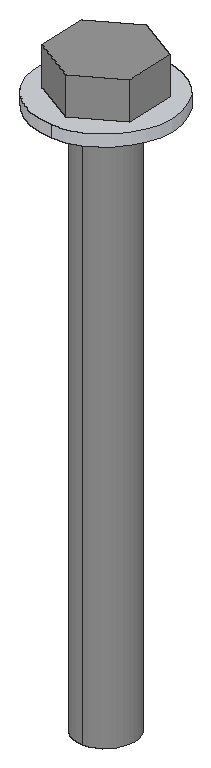
Revit family "050523 - W_P_C - Fastenings - Lag Bolt or Thru Bolt", category Structural Connections, Revit 2020
Family settings
  Material for Model Behavior = Other
  Work Plane-Based = Yes
  Enable cutting in views = Yes
  Always vertical = No
  Cut with Voids When Loaded = No
  Shared = No
Parameters (values of type "5/8" (at 8" base plate)")
  Washer Radius = Radius + Head Height  # 0' - 0 23/32"
  Washer Offset - Head = if(Washer_Head_Visibility, 0' 0 1/8", 0' 0")  # 0' - 0 1/8"
  Washer Offset = if(Washer_Nut_Visibility, 0' 0 1/8", 0' 0")  # 0' - 0"
  Washer Material = none
  Washer_Nut_Visibility = no
  Washer_Head_Visibility = yes
  Thickness_of_Substrate [instance] = 0' - 1"
  Side = Head Size * 0.57812  # 0' - 0.54199"
  Radius = Diameter / 2  # 0' - 0 5/16"
  Nut_Visibility = no
  Length [instance] = 0' - 6"
  Head Size = 0' - 0 15/16"
  Head Radius = Head Size / 2  # 0' - 0 15/32"
  Head Height = 0' - 0 13/32"
  Diameter = 0' - 0 5/8"
  Default Elevation = 4' - 0"
  Bolt Material (Size) = 3/4" DIAMETER x 8" EMBEDMENT EPOXY ANCHORS
Types (30): name | Washer Radius | Washer Offset - Head | Washer Offset | Washer_Nut_Visibility | Washer_Head_Visibility | Side | Radius | Nut_Visibility | Length | Head Size | Head Radius | Head Height | Diameter | Bolt Material (Size)
  3/4" x 2" | 0' - 0 7/8" | 0' - 0 1/8" | 0' - 0 1/8" | yes | yes | 0' - 0.65039" | 0' - 0 3/8" | yes | 0' - 2" | 0' - 1 1/8" | 0' - 0 9/16" | 0' - 0 1/2" | 0' - 0 3/4" | 3/4" DIAMETER x 8" EMBEDMENT EPOXY ANCHORS
  3/4" x 5" | 0' - 0 7/8" | 0' - 0 1/8" | 0' - 0 1/8" | yes | yes | 0' - 0.65039" | 0' - 0 3/8" | yes | 0' - 5" | 0' - 1 1/8" | 0' - 0 9/16" | 0' - 0 1/2" | 0' - 0 3/4" | EXISTING 3/4" LAG BOLT (THRU BOLT IF PLATE ON OPP. SIDE OF STRUCT MEMBER)
  1"X6" | 0' - 1 11/64" | 0' - 0 1/8" | 0' - 0 1/8" | yes | yes | 0' - 0 111/128" | 0' - 0 1/2" | yes | 0' - 6" | 0' - 1 1/2" | 0' - 0 3/4" | 0' - 0 43/64" | 0' - 1" | 3/4" DIAMETER x 8" EMBEDMENT EPOXY ANCHORS
  1/2 | 0' - 0.6215" | 0' - 0 1/8" | 0' - 0 1/8" | yes | yes | 0' - 0 111/256" | 0' - 0.2575" | yes | 0' - 2" | 0' - 0 3/4" | 0' - 0 3/8" | 0' - 0.364" | 0' - 0.515" | 3/4" DIAMETER x 8" EMBEDMENT EPOXY ANCHORS
  5/8 | 0' - 0.765" | 0' - 0" | 0' - 0 1/8" | yes | no | 0' - 0.54228" | 0' - 0.321" | yes | 0' - 2" | 0' - 0.938" | 0' - 0.469" | 0' - 0.444" | 0' - 0.642" | 5/8" THRU BOLT (LAGS AT RAILING CONDITIONS)
  3/4 | 0' - 0.908" | 0' - 0 1/8" | 0' - 0 1/8" | yes | yes | 0' - 0.65039" | 0' - 0.384" | yes | 0' - 2" | 0' - 1 1/8" | 0' - 0 9/16" | 0' - 0.524" | 0' - 0.768" | EACH PLATE BOLTED TO BEAM W/ (2) 5/8" A307 THRU-BOLTS (ONE AT EACH SIDE OF TRUSS) AT 24" O.C.
  7/8 | 0' - 1.0515" | 0' - 0 1/8" | 0' - 0 1/8" | yes | yes | 0' - 0.7585" | 0' - 0.4475" | yes | 0' - 2" | 0' - 1.312" | 0' - 0.656" | 0' - 0.604" | 0' - 0.895" | 3/4" DIAMETER x 8" EMBEDMENT EPOXY ANCHORS
  1 | 0' - 1.211" | 0' - 0" | 0' - 0 1/8" | yes | no | 0' - 0 111/128" | 0' - 0.511" | yes | 0' - 2" | 0' - 1 1/2" | 0' - 0 3/4" | 0' - 0.7" | 0' - 1.022" | 1" THRU BOLTS W/ WIDE WASHER AT NUT
  1 1/8 | 0' - 1.3545" | 0' - 0 1/8" | 0' - 0 1/8" | yes | yes | 0' - 0.97588" | 0' - 0.5745" | yes | 0' - 2" | 0' - 1.688" | 0' - 0.844" | 0' - 0.78" | 0' - 1.149" | 3/4" DIAMETER x 8" EMBEDMENT EPOXY ANCHORS
  1 1/4 | 0' - 1.5145" | 0' - 0 1/8" | 0' - 0 1/8" | yes | yes | 0' - 1.08398" | 0' - 0.6385" | yes | 0' - 2" | 0' - 1 7/8" | 0' - 0 15/16" | 0' - 0.876" | 0' - 1.277" | 3/4" DIAMETER x 8" EMBEDMENT EPOXY ANCHORS
  1 3/8 | 0' - 1.642" | 0' - 0 1/8" | 0' - 0 1/8" | yes | yes | 0' - 1.19209" | 0' - 0.702" | yes | 0' - 2" | 0' - 2.062" | 0' - 1.031" | 0' - 0.94" | 0' - 1.404" | 3/4" DIAMETER x 8" EMBEDMENT EPOXY ANCHORS
  1 1/2 | 0' - 1.8015" | 0' - 0 1/8" | 0' - 0 1/8" | yes | yes | 0' - 1 77/256" | 0' - 0.7655" | yes | 0' - 2" | 0' - 2 1/4" | 0' - 1 1/8" | 0' - 1.036" | 0' - 1.531" | 3/4" DIAMETER x 8" EMBEDMENT EPOXY ANCHORS
  1 5/8 | 0' - 1.945" | 0' - 0 1/8" | 0' - 0 1/8" | yes | yes | 0' - 1.40947" | 0' - 0.829" | yes | 0' - 2" | 0' - 2.438" | 0' - 1.219" | 0' - 1.116" | 0' - 1.658" | 3/4" DIAMETER x 8" EMBEDMENT EPOXY ANCHORS
  1 3/4 | 0' - 2.0885" | 0' - 0 1/8" | 0' - 0 1/8" | yes | yes | 0' - 1.51758" | 0' - 0.8925" | yes | 0' - 2" | 0' - 2 5/8" | 0' - 1 5/16" | 0' - 1.196" | 0' - 1.785" | 3/4" DIAMETER x 8" EMBEDMENT EPOXY ANCHORS
  1 7/8 | 0' - 2.232" | 0' - 0 1/8" | 0' - 0 1/8" | yes | yes | 0' - 1.62569" | 0' - 0.956" | yes | 0' - 2" | 0' - 2.812" | 0' - 1.406" | 0' - 1.276" | 0' - 1.912" | 3/4" DIAMETER x 8" EMBEDMENT EPOXY ANCHORS
  2 | 0' - 2.4075" | 0' - 0 1/8" | 0' - 0 1/8" | yes | yes | 0' - 1 47/64" | 0' - 1.0195" | yes | 0' - 2" | 0' - 3" | 0' - 1 1/2" | 0' - 1.388" | 0' - 2.039" | 3/4" DIAMETER x 8" EMBEDMENT EPOXY ANCHORS
  2 1/4 | 0' - 2.7005" | 0' - 0 1/8" | 0' - 0 1/8" | yes | yes | 0' - 1.95117" | 0' - 1.1525" | yes | 0' - 2" | 0' - 3 3/8" | 0' - 1 11/16" | 0' - 1.548" | 0' - 2.305" | 3/4" DIAMETER x 8" EMBEDMENT EPOXY ANCHORS
  2 1/2 | 0' - 2.9875" | 0' - 0 1/8" | 0' - 0 1/8" | yes | yes | 0' - 2 43/256" | 0' - 1.2795" | yes | 0' - 2" | 0' - 3 3/4" | 0' - 1 7/8" | 0' - 1.708" | 0' - 2.559" | 3/4" DIAMETER x 8" EMBEDMENT EPOXY ANCHORS
  5/8" | 0' - 0 63/64" | 0' - 0" | 0' - 0" | no | no | 0' - 0 111/128" | 0' - 0 5/16" | no | 0' - 6" | 0' - 1 1/2" | 0' - 0 3/4" | 0' - 0 43/64" | 0' - 0 5/8" | 3/4" DIAMETER x 8" EMBEDMENT EPOXY ANCHORS
  1" | 0' - 1 3/64" | 0' - 0" | 0' - 0 1/8" | yes | no | 0' - 0 111/128" | 0' - 0 3/8" | yes | 1' - 2" | 0' - 1 1/2" | 0' - 0 3/4" | 0' - 0 43/64" | 0' - 0 3/4" | ANCHOR BOLT PER ANCHOR TYPE IN HOLD DOWN SCHEDULE
  1" AT TOP | 0' - 1 11/64" | 0' - 0" | 0' - 0 1/8" | yes | no | 0' - 0 111/128" | 0' - 0 1/2" | yes | 0' - 6" | 0' - 1 1/2" | 0' - 0 3/4" | 0' - 0 43/64" | 0' - 1" | 3/4" DIAMETER x 8" EMBEDMENT EPOXY ANCHORS
  5/8" (at 8" base plate) | 0' - 0 23/32" | 0' - 0 1/8" | 0' - 0" | no | yes | 0' - 0.54199" | 0' - 0 5/16" | no | 0' - 6" | 0' - 0 15/16" | 0' - 0 15/32" | 0' - 0 13/32" | 0' - 0 5/8" | 3/4" DIAMETER x 8" EMBEDMENT EPOXY ANCHORS
  anchor base plates at 8" tube steel | 0' - 1 3/64" | 0' - 0 1/8" | 0' - 0" | no | yes | 0' - 0 111/128" | 0' - 0 3/8" | no | 1' - 2" | 0' - 1 1/2" | 0' - 0 3/4" | 0' - 0 43/64" | 0' - 0 3/4" | ANCHOR BOLT PER ANCHOR TYPE IN HOLD DOWN SCHEDULE
  BALC FASTENER | 0' - 1 3/64" | 0' - 0" | 0' - 0 1/8" | yes | no | 0' - 0 111/128" | 0' - 0 3/8" | yes | 0' - 11" | 0' - 1 1/2" | 0' - 0 3/4" | 0' - 0 43/64" | 0' - 0 3/4" | ATTACHMENTS PER BALC. MANU.
  1" 3 | 0' - 1 3/64" | 0' - 0" | 0' - 0 1/8" | yes | no | 0' - 0 111/128" | 0' - 0 3/8" | yes | 1' - 4" | 0' - 1 1/2" | 0' - 0 3/4" | 0' - 0 43/64" | 0' - 0 3/4" | ANCHOR BOLT PER ANCHOR TYPE IN HOLD DOWN SCHEDULE
  3/4" x 11" | 0' - 1 3/64" | 0' - 0" | 0' - 0 1/8" | yes | no | 0' - 0 111/128" | 0' - 0 3/8" | yes | 0' - 11" | 0' - 1 1/2" | 0' - 0 3/4" | 0' - 0 43/64" | 0' - 0 3/4" | ANCHOR BOLT PER ANCHOR TYPE IN HOLD DOWN SCHEDULE
  1" 7 | 0' - 1 3/64" | 0' - 0" | 0' - 0 1/8" | yes | no | 0' - 0 111/128" | 0' - 0 3/8" | yes | 0' - 11" | 0' - 1 1/2" | 0' - 0 3/4" | 0' - 0 43/64" | 0' - 0 3/4" | ANCHOR BOLT PER ANCHOR TYPE IN HOLD DOWN SCHEDULE
  3/4" x 1'  3" | 0' - 1 3/64" | 0' - 0" | 0' - 0 1/8" | yes | no | 0' - 0 111/128" | 0' - 0 3/8" | yes | 1' - 3" | 0' - 1 1/2" | 0' - 0 3/4" | 0' - 0 43/64" | 0' - 0 3/4" | ANCHOR BOLT PER ANCHOR TYPE IN HOLD DOWN SCHEDULE
  1" 4 | 0' - 1 7/128" | 0' - 0" | 0' - 0 1/8" | yes | no | 0' - 0.79944" | 0' - 0 49/128" | yes | 0' - 2" | 0' - 1 49/128" | 0' - 0 177/256" | 0' - 0 43/64" | 0' - 0 49/64" | ANCHOR BOLT PER ANCHOR TYPE IN HOLD DOWN SCHEDULE
  1" 2 | 0' - 1 3/64" | 0' - 0" | 0' - 0 1/8" | yes | no | 0' - 0 111/128" | 0' - 0 3/8" | yes | 0' - 3 1/2" | 0' - 1 1/2" | 0' - 0 3/4" | 0' - 0 43/64" | 0' - 0 3/4" | ANCHOR BOLT PER ANCHOR TYPE IN HOLD DOWN SCHEDULE
Reference planes (in)
  plane 1 "Center (Front/Back)": y = 0
  plane 2: z = 0
  plane 3 "Center (Left/Right)": x = 0
  plane 4: z = 0.53125
  plane 5: z = -6
  plane 6: y = 0
  plane 7: x = 0
  plane 8: z = -1
  plane 9: z = 0.125
  plane 10: z = -1
  plane 11: z = 0
  plane 12: through (0, 0, 48) normal (0.866, 0.5, 0)
  plane 13: through (0, 0, 48) normal (0.866, -0.5, 0)
  plane 14: through (0, 0, 48) normal (0.5, -0.866, 0)
  plane 15: through (0, 0, 48) normal (-0.5, -0.866, 0)
Forms (in)
  Extrusion 1, solid, material "3/4" DIAMETER x 8" EMBEDMENT EPOXY ANCHORS" <- "Bolt Material (Size)"
    sketch origin (0, 8.71147, 0.125) x (0, 1, 0) y (-1, 0, 0)
      loop
        circle (-8.71147, 0) r 0.3125
    from -6.125 to 0
Lines and regions (in)
  model lines, style "InvisibleLines"
    curve 1: line (0, -0.64952, 0.53125) -> (0, 0.64952, 0.53125)
    curve 2: line (0.46875, 0, 0.53125) -> (-0.46875, 0, 0.53125)
  symbolic lines, style "InvisibleLines"
    curve 3: line (0, 0, 0.53125) -> (0, 0, -6)
    curve 4: line (0, 0, 0.53125) -> (0, 0, -6)
Dimensions and locks (in)
  "Head Height": plane 4 to plane 9
  "Length": plane 11 to plane 5
  "Thickness_of_Substrate": plane 2 to plane 8
  "Washer Offset": plane 8 to plane 10
  "Washer Offset - Head": plane 9 to plane 2
  "Radius": radius of Extrusion 1 sketch curve
  aligned and locked: level to plane 2
  aligned and locked: Extrusion 1 to plane 5
  aligned and locked: plane 7 to curve 1
  aligned and locked: plane 6 to curve 2
  aligned and locked: plane 6 to curve 4
  aligned and locked: level to plane 11
Automatic sketch dimensions
  curve 3 to plane 3 "Center (Left/Right)" = 0' - 0"
  curve 3 to plane 5 = 0' - 0"
  curve 3 to plane 4 = 0' - 0"
  curve 4 to plane 5 = 0' - 0"
  curve 4 to plane 4 = 0' - 0"
  curve 1 to curve 2 = 0' - 0.64952"
  curve 2 to curve 1 = 0' - 0.64952"
  curve 2 to nested 1 = 0' - 0"  (x2)
  plane 1 "Center (Front/Back)" to Extrusion 1 sketch curve = 0' - 0"
  Extrusion 1 sketch curve to plane 3 "Center (Left/Right)" = 0' - 0"
Nested families (in)
  nested 1: "Nut" at (0, 0, 0.125), Diameter <- "Diameter", Head Height <- "Head Height", Head Size <- "Head Size", type "one"
    with Side 0' - 0.54199", Radius 0' - 0 5/16", Head Size 0' - 0 15/16", Head Radius 0' - 0 15/32", Head Height 0' - 0 13/32", Diameter 0' - 0 5/8"
  nested 2: "Nut" at (0, 0, -1) x (1, 0, 0) z (0, 0, -1), Diameter <- "Diameter", Head Height <- "Head Height", Head Size <- "Head Size", visible <- "Nut_Visibility", type "one"
    with Side 0' - 0.54199", Radius 0' - 0 5/16", Head Size 0' - 0 15/16", Head Radius 0' - 0 15/32", Head Height 0' - 0 13/32", Diameter 0' - 0 5/8"
  nested 3: "Washer" at (0, 0, -1) x (0, -1, 0) z (0, 0, -1), visible <- "Washer_Nut_Visibility", type "one"
    with Washer Radius 0' - 0 23/32"
  nested 4: "Washer" at (0, 0, 0) x (0, -1, 0) z (0, 0, 1), visible <- "Washer_Head_Visibility", type "one"
    with Washer Radius 0' - 0 23/32"
Definition of nested family "Nut"
  Parameters (values of type "one")
    Side [instance] = Head Size * 0.57812  # 0' - 0 111/256"
    Radius [instance] = Diameter / 2  # 0' - 0 1/4"
    Head Size [instance] = 0' - 0 3/4"
    Head Radius [instance] = Head Size / 2  # 0' - 0 3/8"
    Head Height [instance] = 0' - 0 11/32"
    Diameter [instance] = 0' - 0 1/2"
    Default Elevation = 4' - 0"
    Bolt Material (Size) = none
  Reference planes (in)
    plane 1 "Center (Front/Back)": y = 0
    plane 2: z = 0
    plane 3 "Center (Left/Right)": x = 0
    plane 4: z = 0.34375
    plane 5: y = 0
    plane 6: x = 0
  Forms (in)
    Extrusion 1, solid, material <- "Bolt Material (Size)"
      sketch origin (0, 0, 0) x (1, 0, 0) y (0, 1, 0)
        loop
          line (0, 0.43301) -> (-0.375, 0.21651) -> (-0.375, -0.21651) -> (0, -0.43301) -> (0.375, -0.21651) -> (0.375, 0.21651) -> (0, 0.43301)
      from 0 to 0.34375
  Lines and regions (in)
    symbolic lines
      curve 1: line (0, 0, 0.34375) -> (0, 0, -3)
  Dimensions and locks (in)
    "Head Height": plane 4 to level
    "Head Radius": Extrusion 1 sketch curve to plane 3 "Center (Left/Right)"
    "Head Radius": Extrusion 1 sketch curve to plane 6
    "Head Radius": Extrusion 1 sketch curve to plane 5  (x2)
    locked: Extrusion 1 sketch curve to Extrusion 1 sketch curve (angle 120.00°)  (x5)
    aligned and locked: level to plane 2
    aligned and locked: Extrusion 1 to plane 4
    aligned and locked: plane 5 to curve 1
  Automatic sketch dimensions
    curve 1 to plane 4 = 0' - 0"
    curve 1 to level = 0' - 3"
    Extrusion 1 sketch curve to plane 3 "Center (Left/Right)" = 0' - 0"  (x2)
Definition of nested family "Washer"
  Parameters (values of type "one")
    Washer Radius = 0' - 0 3/4"
    Default Elevation = 4' - 0"
    Washer Material = none
  Reference planes (in)
    plane 1 "Center (Front/Back)": y = 0
    plane 2: z = 0
    plane 3 "Center (Left/Right)": x = 0
    plane 4: z = 0.125
    plane 5: y = 0
    plane 6: x = 0
  Forms (in)
    Extrusion 1, solid, material <- "Washer Material"
      sketch origin (0, 0, 0) x (1, 0, 0) y (0, 1, 0)
        loop
          circle (0, 0) r 0.75
      from 0 to 0.125
  Lines and regions (in)
    symbolic lines
      curve 1: line (0, 0, 0.125) -> (0, 0, -3)
  Dimensions and locks (in)
    "Washer Radius": radius of Extrusion 1 sketch curve
    aligned and locked: level to plane 2
    aligned and locked: Extrusion 1 to plane 4
    aligned and locked: plane 5 to curve 1
  Automatic sketch dimensions
    curve 1 to plane 4 = 0' - 0"
    curve 1 to level = 0' - 3"
    plane 1 "Center (Front/Back)" to Extrusion 1 sketch curve = 0' - 0"
    Extrusion 1 sketch curve to plane 3 "Center (Left/Right)" = 0' - 0"
